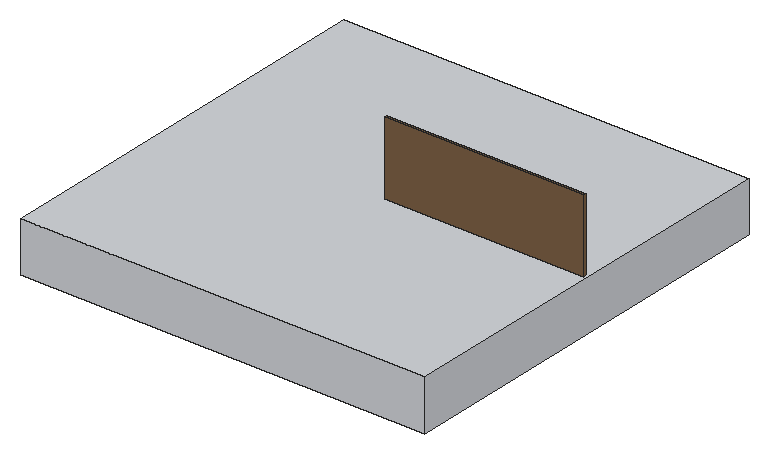
Revit family "IS_ConceptAir_Multiproduct_BIM_GB_E0848;E0849;E0851;E0852", category Plumbing Fixtures, host Face, Revit 2014
Parameters (values of type "E0852VY - 120CM Worktop for Vessel Installation Matt Dark Brown")
  WaterEfficientProduct = no
  WarrantyStartDate [instance] = "1900-12-31T23:59:59"
  WarrantyGuarantorParts = "Productinfo@thebluebook.co.uk"
  WarrantyGuarantorLabor = "n/a"
  WarrantyDurationUnit = "year"
  WarrantyDurationParts = "5"
  WarrantyDurationLabor = "n/a"
  WarrantyDescription = "Manufacturers warranty"
  WRAS = no
  WFU = 0
  VolumeUnits = "Litres"
  Version = "1"
  Uniclass2 = "Pr_40_30_78_04"
  URL = "www.idealspec.co.uk"
  TagNumber [instance] = "n/a"
  TMV3 = no
  SustainabilityPerformance = "n/a"
  Style = "n/a"
  SpareParts = "www.fastpart-spares.co.uk"
  Space = "Internal"
  Size = "442 x 18 x 1204 mm"
  Shape = "Rectangular"
  SerialNumber [instance] = "n/a"
  Revision = "n/a"
  ReplacementCost = "n/a"
  ProductInformation = "www.idealspec.co.uk/assets/datasheet/E0852VY"
  Phone = "01482 346461"
  NominalWidth = 1200 mm
  NominalLength = 440 mm
  NominalHeight = 18 mm
  NominalDepth = 440 mm
  NettWeight = "0 Kg"
  Name = "Furniture_ConceptAir_E0852VY_IdealStandard"
  NBSTypeID = "n/a"
  NBSReference = "45-35-72/320"
  NBSOfficeMasterTag = "n/a"
  NBSNote = "n/a"
  NBSDescription = "Bathroom integrated duct work"
  NBSCertification = "n/a"
  ModelReference = Description  # "120CM Worktop for Vessel Installation Gls Dark Brown + Matt White"
  ModelNumber = Model  # "E0852VY"
  Model = "E0852VY"
  Material = "Laquered MDF"
  ManufacturerURL = "www.idealspec.co.uk"
  Manufacturer = "Productinfo@thebluebook.co.uk"
  MainColour = ISI_IdealStandard_Furniture_DarkBrown_Render
  MainColor = Color  # "White"
  LinearUnits = "millimeters"
  Keynote = "n/a"
  InstallationInstructions = "www.idealspec.co.uk/resources.html"
  InstallationDate [instance] = "1900-12-31T23:59:59"
  IfcExportType = "USERDEFINED"
  IfcExportAs = "IfcFurnitureType"
  HWFU = 0
  GrossWeight = "n/a"
  Grade = "n/a"
  Finish = Color  # "White"
  Features = "120 cm Worktop For Vessel Installation Matt Dark Brown"
  ExpectedLife = "10"
  ECA = no
  DurationUnit = "year"
  DistributedBy = "n/a"
  Description = "Concept Air 120 cm Worktop For Vessel Installation Matt Dark Brown"
  Default Elevation = 800 mm
  CurrencyUnit = "n/a"
  CreatedOn = "2016-02-03"
  Cost = 0
  Constituents = "n/a"
  Color = "Dark brown"
  CodePerformance = "n/a"
  CWFU = 0
  Brand = "Ideal Standard"
  BarCode [instance] = "n/a"
  BREEAM = no
  BIMObjectName = "ISI_IdealStandard_Furniture_ConceptAir_E0852VY"
  Author = "Ideal Standard"
  AssetType = "Fixed"
  AssetIdentifier [instance] = "n/a"
  Assembly Code = "C1030200"
  AreaUnits = "millimeters"
  AreaMeasurement = "n/a"
  Accessories = "www.idealspec.co.uk"
  AccessibilityPerformance = "n/a"
Types (24, lengths in mm): name | Size | ProductInformation | NominalWidth | Name | ModelReference | ModelNumber | Model | MainColour | Features | Description | Color | BIMObjectName
  E0852VY - 120CM Worktop for Vessel Installation Matt Dark Brown | "442 x 18 x 1204 mm" | "www.idealspec.co.uk/assets/datasheet/E0852VY" | 1200 | "Furniture_ConceptAir_E0852VY_IdealStandard" | "120CM Worktop for Vessel Installation Gls Dark Brown + Matt White" | "E0852VY" | "E0852VY" | ISI_IdealStandard_Furniture_DarkBrown_Render | "120 cm Worktop For Vessel Installation Matt Dark Brown" | "Concept Air 120 cm Worktop For Vessel Installation Matt Dark Brown" | "Dark brown" | "ISI_IdealStandard_Furniture_ConceptAir_E0852VY"
  E0852UK - 120CM Worktop for Vessel Installation Wood Light Brown | "442 x 18 x 1204 mm" | "www.idealspec.co.uk/assets/datasheet/E0852UK" | 1200 | "Furniture_ConceptAir_E0852UK_IdealStandard" | "120CM Worktop for Vessel Installation Wood Light Brown + Matt Light Brown" | "E0852UK" | "E0852UK" | ISI_IdealStandard_Furniture_WoodLightBrown_Render | "120 cm Worktop For Vessel Installation Wood Light Brown" | "Concept Air 120 cm Worktop For Vessel Installation Wood Light Brown" | "Wood brown" | "ISI_IdealStandard_Furniture_ConceptAir_E0852UK"
  E0852PS - 120CM Worktop for Vessel Installation Wood Light Grey | "442 x 18 x 1204 mm" | "www.idealspec.co.uk/assets/datasheet/E0852PS" | 1200 | "Furniture_ConceptAir_E0852PS_IdealStandard" | "120CM Worktop for Vessel Installation Wood Light Grey + Matt White" | "E0852PS" | "E0852PS" | ISI_IdealStandard_Furniture_WoodLightGrey_Render | "120 cm Worktop For Vessel Installation Wood Light Grey" | "Concept Air 120 cm Worktop For Vessel Installation Wood Light Grey" | "Wood grey" | "ISI_IdealStandard_Furniture_ConceptAir_E0852PS"
  E0852KN - 120CM Worktop for Vessel Installation Gls White | "442 x 18 x 1204 mm" | "www.idealspec.co.uk/assets/datasheet/E0852KN" | 1200 | "Furniture_ConceptAir_E0852KN_IdealStandard" | "120CM Worktop for Vessel Installation Gls White + Matt Light Grey" | "E0852KN" | "E0852KN" | ISI_IdealStandard_Laminate_White_Render | "120 cm Worktop For Vessel Installation Gls White" | "Concept Air 120 cm Worktop For Vessel Installation Gls White" | "White" | "ISI_IdealStandard_Furniture_ConceptAir_E0852KN"
  E0852EQ - 120CM Worktop for Vessel Installation Gls Light Grey | "442 x 18 x 1204 mm" | "www.idealspec.co.uk/assets/datasheet/E0852EQ" | 1200 | "Furniture_ConceptAir_E0852EQ_IdealStandard" | "120CM Worktop for Vessel Installation Gls Light Grey + Matt White" | "E0852EQ" | "E0852EQ" | ISI_IdealStandard_Furniture_Grey_Render | "120 cm Worktop For Vessel Installation Gls Light Grey" | "Concept Air 120 cm Worktop For Vessel Installation Gls Light Grey" | "Grey" | "ISI_IdealStandard_Furniture_ConceptAir_E0852EQ"
  E0852B2 - 120CM Worktop for Vessel Installation Gls White | "442 x 18 x 1204 mm" | "www.idealspec.co.uk/assets/datasheet/E0852B2" | 1200 | "Furniture_ConceptAir_E0852B2_IdealStandard" | "120CM Worktop for Vessel Installation Gls White + Matt White" | "E0852B2" | "E0852B2" | ISI_IdealStandard_Laminate_White_Render | "120 cm Worktop For Vessel Installation Gls White" | "Concept Air 120 cm Worktop For Vessel Installation Gls White" | "White" | "ISI_IdealStandard_Furniture_ConceptAir_E0852B2"
  E0851VY - 100CM Worktop for Vessel Installation Matt Dark Brown | "442 x 18 x 1004 mm" | "www.idealspec.co.uk/assets/datasheet/E0851VY" | 1000 | "Furniture_ConceptAir_E0851VY_IdealStandard" | "100CM Worktop for Vessel Installation Gls Dark Brown + Matt White" | "E0851VY" | "E0851VY" | ISI_IdealStandard_Furniture_DarkBrown_Render | "100 cm Worktop For Vessel Installation Matt Dark Brown" | "Concept Air 100 cm Worktop For Vessel Installation Matt Dark Brown" | "Dark brown" | "ISI_IdealStandard_Furniture_ConceptAir_E0851VY"
  E0851UK - 100CM Worktop for Vessel Installation Wood Light Brown | "442 x 18 x 1004 mm" | "www.idealspec.co.uk/assets/datasheet/E0851UK" | 1000 | "Furniture_ConceptAir_E0851UK_IdealStandard" | "100CM Worktop for Vessel Installation Wood Light Brown + Matt Light Brown" | "E0851UK" | "E0851UK" | ISI_IdealStandard_Furniture_WoodLightBrown_Render | "100 cm Worktop For Vessel Installation Wood Light Brown" | "Concept Air 100 cm Worktop For Vessel Installation Wood Light Brown" | "Wood brown" | "ISI_IdealStandard_Furniture_ConceptAir_E0851UK"
  E0851PS - 100CM Worktop for Vessel Installation Wood Light Grey | "442 x 18 x 1004 mm" | "www.idealspec.co.uk/assets/datasheet/E0851PS" | 1000 | "Furniture_ConceptAir_E0851PS_IdealStandard" | "100CM Worktop for Vessel Installation Wood Light Grey + Matt White" | "E0851PS" | "E0851PS" | ISI_IdealStandard_Furniture_WoodLightGrey_Render | "100 cm Worktop For Vessel Installation Wood Light Grey" | "Concept Air 100 cm Worktop For Vessel Installation Wood Light Grey" | "Wood grey" | "ISI_IdealStandard_Furniture_ConceptAir_E0851PS"
  E0851KN - 100CM Worktop for Vessel Installation Gls White | "442 x 18 x 1004 mm" | "www.idealspec.co.uk/assets/datasheet/E0851KN" | 1000 | "Furniture_ConceptAir_E0851KN_IdealStandard" | "100CM Worktop for Vessel Installation Gls White + Matt Light Grey" | "E0851KN" | "E0851KN" | ISI_IdealStandard_Laminate_White_Render | "100 cm Worktop For Vessel Installation Gls White" | "Concept Air 100 cm Worktop For Vessel Installation Gls White" | "White" | "ISI_IdealStandard_Furniture_ConceptAir_E0851KN"
  E0851EQ - 100CM Worktop for Vessel Installation Gls Light Grey | "442 x 18 x 1004 mm" | "www.idealspec.co.uk/assets/datasheet/E0851EQ" | 1000 | "Furniture_ConceptAir_E0851EQ_IdealStandard" | "100CM Worktop for Vessel Installation Gls Light Grey + Matt White" | "E0851EQ" | "E0851EQ" | ISI_IdealStandard_Furniture_Grey_Render | "100 cm Worktop For Vessel Installation Gls Light Grey" | "Concept Air 100 cm Worktop For Vessel Installation Gls Light Grey" | "Grey" | "ISI_IdealStandard_Furniture_ConceptAir_E0851EQ"
  E0851B2 - 100CM Worktop for Vessel Installation Gls White | "442 x 18 x 1004 mm" | "www.idealspec.co.uk/assets/datasheet/E0851B2" | 1000 | "Furniture_ConceptAir_E0851B2_IdealStandard" | "100CM Worktop for Vessel Installation Gls White + Matt White" | "E0851B2" | "E0851B2" | ISI_IdealStandard_Laminate_White_Render | "100 cm Worktop For Vessel Installation Gls White" | "Concept Air 100 cm Worktop For Vessel Installation Gls White" | "White" | "ISI_IdealStandard_Furniture_ConceptAir_E0851B2"
  E0849VY - 80CM Worktop for Vessel Installation Matt Dark Brown | "442 x 18 x 804 mm" | "www.idealspec.co.uk/assets/datasheet/E0849VY" | 800 | "Furniture_ConceptAir_E0849VY_IdealStandard" | "80CM Worktop for Vessel Installation Gls Dark Brown + Matt White" | "E0849VY" | "E0849VY" | ISI_IdealStandard_Furniture_DarkBrown_Render | "80 cm Worktop For Vessel Installation Matt Dark Brown" | "Concept Air 80 cm Worktop For Vessel Installation Matt Dark Brown" | "Dark brown" | "ISI_IdealStandard_Furniture_ConceptAir_E0849VY"
  E0849UK - 80CM Worktop for Vessel Installation Wood Light Brown | "442 x 18 x 804 mm" | "www.idealspec.co.uk/assets/datasheet/E0849UK" | 800 | "Furniture_ConceptAir_E0849UK_IdealStandard" | "80CM Worktop for Vessel Installation Wood Light Brown + Matt Light Brown" | "E0849UK" | "E0849UK" | ISI_IdealStandard_Furniture_WoodLightBrown_Render | "80 cm Worktop For Vessel Installation Wood Light Brown" | "Concept Air 80 cm Worktop For Vessel Installation Wood Light Brown" | "Wood brown" | "ISI_IdealStandard_Furniture_ConceptAir_E0849UK"
  E0849PS - 80CM Worktop for Vessel Installation Wood Light Grey | "442 x 18 x 804 mm" | "www.idealspec.co.uk/assets/datasheet/E0849PS" | 800 | "Furniture_ConceptAir_E0849PS_IdealStandard" | "80CM Worktop for Vessel Installation Wood Light Grey + Matt White" | "E0849PS" | "E0849PS" | ISI_IdealStandard_Furniture_WoodLightGrey_Render | "80 cm Worktop For Vessel Installation Wood Light Grey" | "Concept Air 80 cm Worktop For Vessel Installation Wood Light Grey" | "Wood grey" | "ISI_IdealStandard_Furniture_ConceptAir_E0849PS"
  E0849KN - 80CM Worktop for Vessel Installation Gls White | "442 x 18 x 804 mm" | "www.idealspec.co.uk/assets/datasheet/E0849KN" | 800 | "Furniture_ConceptAir_E0849KN_IdealStandard" | "80CM Worktop for Vessel Installation Gls White + Matt Light Grey" | "E0849KN" | "E0849KN" | ISI_IdealStandard_Laminate_White_Render | "80 cm Worktop For Vessel Installation Gls White" | "Concept Air 80 cm Worktop For Vessel Installation Gls White" | "White" | "ISI_IdealStandard_Furniture_ConceptAir_E0849KN"
  E0849EQ - 80CM Worktop for Vessel Installation Gls Light Grey | "442 x 18 x 804 mm" | "www.idealspec.co.uk/assets/datasheet/E0849EQ" | 800 | "Furniture_ConceptAir_E0849EQ_IdealStandard" | "80CM Worktop for Vessel Installation Gls Light Grey + Matt White" | "E0849EQ" | "E0849EQ" | ISI_IdealStandard_Furniture_Grey_Render | "80 cm Worktop For Vessel Installation Gls Light Grey" | "Concept Air 80 cm Worktop For Vessel Installation Gls Light Grey" | "Grey" | "ISI_IdealStandard_Furniture_ConceptAir_E0849EQ"
  E0849B2 - 80CM Worktop for Vessel Installation Gls White | "442 x 18 x 804 mm" | "www.idealspec.co.uk/assets/datasheet/E0849B2" | 800 | "Furniture_ConceptAir_E0849B2_IdealStandard" | "80CM Worktop for Vessel Installation Gls White + Matt White" | "E0849B2" | "E0849B2" | ISI_IdealStandard_Laminate_White_Render | "80 cm Worktop For Vessel Installation Gls White" | "Concept Air 80 cm Worktop For Vessel Installation Gls White" | "White" | "ISI_IdealStandard_Furniture_ConceptAir_E0849B2"
  E0848VY - 60CM Worktop for Vessel Installation Matt Dark Brown | "442 x 18 x 604 mm" | "www.idealspec.co.uk/assets/datasheet/E0848VY" | 600 | "Furniture_ConceptAir_E0848VY_IdealStandard" | "60CM Worktop for Vessel Installation Gls Dark Brown + Matt White" | "E0848VY" | "E0848VY" | ISI_IdealStandard_Furniture_DarkBrown_Render | "60 cm Worktop For Vessel Installation Matt Dark Brown" | "Concept Air 60 cm Worktop For Vessel Installation Matt Dark Brown" | "Dark brown" | "ISI_IdealStandard_Furniture_ConceptAir_E0848VY"
  E0848UK - 60CM Worktop for Vessel Installation Wood Light Brown | "442 x 18 x 604 mm" | "www.idealspec.co.uk/assets/datasheet/E0848UK" | 600 | "Furniture_ConceptAir_E0848UK_IdealStandard" | "60CM Worktop for Vessel Installation Wood Light Brown + Matt Light Brown" | "E0848UK" | "E0848UK" | ISI_IdealStandard_Furniture_WoodLightBrown_Render | "60 cm Worktop For Vessel Installation Wood Light Brown" | "Concept Air 60 cm Worktop For Vessel Installation Wood Light Brown" | "Wood brown" | "ISI_IdealStandard_Furniture_ConceptAir_E0848UK"
  E0848PS - 60CM Worktop for Vessel Installation Wood Light Grey | "442 x 18 x 604 mm" | "www.idealspec.co.uk/assets/datasheet/E0848PS" | 600 | "Furniture_ConceptAir_E0848PS_IdealStandard" | "60CM Worktop for Vessel Installation Wood Light Grey + Matt White" | "E0848PS" | "E0848PS" | ISI_IdealStandard_Furniture_WoodLightGrey_Render | "60 cm Worktop For Vessel Installation Wood Light Grey" | "Concept Air 60 cm Worktop For Vessel Installation Wood Light Grey" | "Wood grey" | "ISI_IdealStandard_Furniture_ConceptAir_E0848PS"
  E0848KN - 60CM Worktop for Vessel Installation Gls White | "442 x 18 x 604 mm" | "www.idealspec.co.uk/assets/datasheet/E0848KN" | 600 | "Furniture_ConceptAir_E0848KN_IdealStandard" | "60CM Worktop for Vessel Installation Gls White + Matt Light Grey" | "E0848KN" | "E0848KN" | ISI_IdealStandard_Laminate_White_Render | "60 cm Worktop For Vessel Installation Gls White" | "Concept Air 60 cm Worktop For Vessel Installation Gls White" | "White" | "ISI_IdealStandard_Furniture_ConceptAir_E0848KN"
  E0848EQ - 60CM Worktop for Vessel Installation Gls Light Grey | "442 x 18 x 604 mm" | "www.idealspec.co.uk/assets/datasheet/E0848EQ" | 600 | "Furniture_ConceptAir_E0848EQ_IdealStandard" | "60CM Worktop for Vessel Installation Gls Light Grey + Matt White" | "E0848EQ" | "E0848EQ" | ISI_IdealStandard_Furniture_Grey_Render | "60 cm Worktop For Vessel Installation Gls Light Grey" | "Concept Air 60 cm Worktop For Vessel Installation Gls Light Grey" | "Grey" | "ISI_IdealStandard_Furniture_ConceptAir_E0848EQ"
  E0848B2 - 60CM Worktop for Vessel Installation Gls White | "442 x 18 x 604 mm" | "www.idealspec.co.uk/assets/datasheet/E0848B2" | 600 | "Furniture_ConceptAir_E0848B2_IdealStandard" | "60CM Worktop for Vessel Installation Gls White + Matt White" | "E0848B2" | "E0848B2" | ISI_IdealStandard_Laminate_White_Render | "60 cm Worktop For Vessel Installation Gls White" | "Concept Air 60 cm Worktop For Vessel Installation Gls White" | "White" | "ISI_IdealStandard_Furniture_ConceptAir_E0848B2"
Reference planes
  plane 1 "Center (Front/Back)": y = 0
  plane 2: z = 0
  plane 3 "Center (Left/Right)": x = 0
  plane 4: y = 18
  plane 5: x = 1200
  plane 6: z = 440
Forms (mm)
  Extrusion 1, solid
    sketch origin (0, 0, 0) x (1, 0, 0) y (0, 1, 0)
      loop
        line (-1219.2, 1219.2) -> (-1219.2, -1219.2) -> (1219.2, -1219.2) -> (1219.2, 1219.2) -> (-1219.2, 1219.2)
    from 0 to -304.8
  Extrusion 2, solid, material "ISI_IdealStandard_Furniture_DarkBrown_Render" <- "MainColour"
    sketch origin (0, 0, 0) x (1, 0, 0) y (0, 1, 0)
      loop
        line (0, 18) -> (0, 0) -> (1200, 0) -> (1200, 18) -> (0, 18)
    from 0 to 440
Dimensions and locks
  "NominalLength": plane 2 to plane 6
  "NominalWidth": plane 3 "Center (Left/Right)" to plane 5
  "NominalHeight": plane 1 "Center (Front/Back)" to plane 4
  aligned and locked: plane 2 to Extrusion 1
  aligned and locked: level to Extrusion 1
  aligned and locked: Extrusion 2 sketch curve to plane 4
  aligned and locked: plane 3 "Center (Left/Right)" to Extrusion 2 sketch curve
  aligned and locked: Extrusion 2 sketch curve to plane 1 "Center (Front/Back)"
  aligned and locked: Extrusion 2 sketch curve to plane 5
  aligned and locked: plane 6 to Extrusion 2
  aligned and locked: Extrusion 2 to level
  aligned and locked: Extrusion 2 to plane 2
Automatic sketch dimensions
  Extrusion 1 sketch curve to Extrusion 1 sketch curve = 2438.4 mm  (x2)
